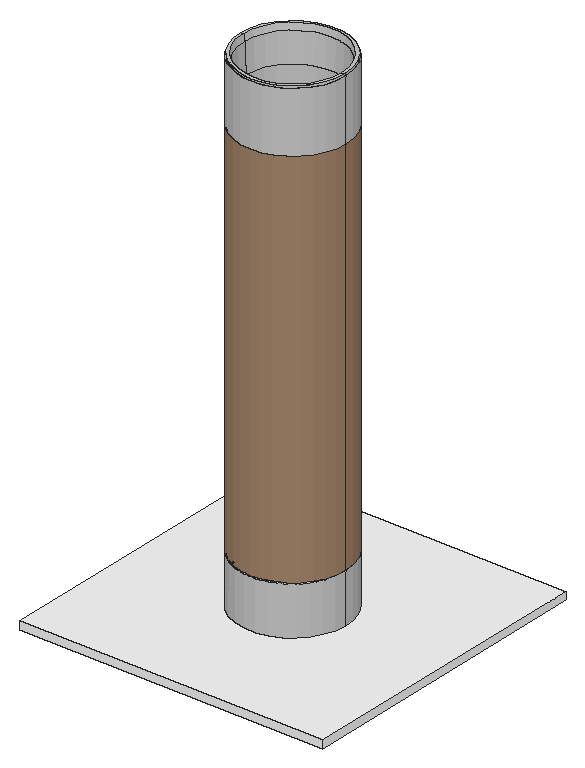
Revit family "BE_84476_de_DE", category Leuchten, Revit 2020
Family settings
  Basisbauteil = Fläche
  Bemaßung runder Anschluss = Durchmesser verwenden
  Teiletyp = Normal
  Beim Laden mit Abzugskörper schneiden = Ja
  Lichtquelle = Nein
  Gemeinsam genutzt = Nein
  Raumberechnungspunkt = Ja
Parameters (values of type "BEGA_84476_Silber")
  Default Elevation = 0 mm
  Umgebungstemperatur = ""
  URL = "https://www.bega.com/de/produkt/84476"
  Typenkommentare = "© 2022 BEGA. Wir behalten uns das Recht vor, technische Änderungen ohne vorherige Ankündigung vorzunehmen."  # constant formula
  Typenbild = 84476.png
  Spannung = 0 V
  Sonderanfertigung = no
  Seriennummer [instance] = "Hier können Sie die eindeutige Seriennummer für das Facility Management eintragen."
  Schutzklasse = ""
  Schutzart = ""
  Scheinlast = 0 VA
  Produktdatenblatt = "https://cdn.bega.com/bega/products/84476A/current/documents/data-sheets/de"
  Oberflächentemperatur = ""
  Modell = "84476A"
  Material_38 = BEGA_Holz
  Material_17 = BEGA_Reflektor
  Material_15 = BEGA_Leuchtmedium_matt
  Material_11 = BEGA_Glas_opal
  Material_09 = BEGA_Glas_klar
  Material_06 = BEGA_Oberfläche_Edelstahl_gebürstet
  Material_03 = BEGA_Oberfläche_Weiss_matt
  Material_02 = BEGA_Oberfläche_Silber_matt
  Material_01 [instance] = BEGA_Oberfläche_Grafit_matt
  M_W = no
  M_G = no
  M_A = yes
  Logo = 0
  Leuchtenanzahl = ""
  Lastklassifizierung = Beleuchtung
  Hersteller = "BEGA"  # constant formula
  Halbstreuwinkel = ""
  Gewicht = "4.65 kg"
  Gebrauchslageneinschränkung [instance] = ""
  Energieeffizienzklasse = ""
  ENEC = ""
  Dimmbar [instance] = "on/off"
  CE_Konformität = "ja"
  Bestellnummer = "84476A"
  Beschreibung_Sonderanfertigung = "Hier können Sie Informationen zur Sonderanfertigung eintragen."
  Beschreibung = "Pollerleuchtenrohr"
  Befestigungsbohrung = ""
  Befestigungsabstand = ""
  Ballwurfsicher = ""
  BEGA_Intern_aus = yes
  BEGA_Intern_an = yes
  BEGA_Intern_Konstruktion = yes
  BEGA_Intern = yes
  BEGA_IES = yes
  BEGA_Dummy = no
  Anschlussleitung = ""
  Anschlusskasten = ""
  Aktualisierung = "2022-05-19T04:00:07"
  Abstand_zur_angestrahlten_Fläche [instance] = ""
Types (2, lengths in mm): name | Modell | M_G | M_A | Bestellnummer
  BEGA_84476_Silber | "84476A" | no | yes | "84476A"
  BEGA_84476_Grafit | "84476" | yes | no | "84476"
Reference planes
  plane 1 "Mitte (Vorne/Hinten)": y = 0
  plane 2: z = 0
  plane 3 "Mitte (Links/Rechts)": x = 0
  plane 4 "Links": x = -70.567
  plane 5 "Rechts": x = 70.567
  plane 6 "Unten": y = -70.567
  plane 7 "Oben": y = 70.567
  plane 8 "Vorne": z = 654
  plane 9 "Hinten": z = 0
Forms (mm)
  Extrusion 1, solid, material "BEGA_Platte_Weiss"
    sketch origin (0, -1119.2, 0) x (1, 0, 0) y (0, 1, 0)
      loop
        line (-200, 1319.2) -> (-200, 919.2) -> (200, 919.2) -> (200, 1319.2) -> (-200, 1319.2)
    from 0 to -10
  Extrusion 2, solid, material "BEGA_Dummy_matt", visible <- "BEGA_Dummy"
    sketch origin (77.149, -76.023, 0) x (1, 0, 0) y (0, 1, 0)
      loop
        circle (-77.149, 76.023) r 70.567
    from 0 to 654
Dimensions and locks
  plane 1 "Mitte (Vorne/Hinten)" to Extrusion 1 = 200 mm
  aligned and locked: plane 2 to Extrusion 1
  aligned and locked: level to Extrusion 1
Nested families
  nested 1: "BE_84476" at (0, 0, 0), type "BE_84476"
Connectors
  electrical at (0, 0, 0), driven by "Lastklassifizierung", driven by "Spannung", driven by "Scheinlast"
    settings: index 1, voltage 0 V, apparent load 0 VA, apparent load phase1 0 VA, apparent load phase2 0 VA, apparent load phase3 0 VA, power factor 1, load classification "Beleuchtung", number of poles 1, system type 31, power factor state 1, is connector primary yes, connector utility no, sub classification motor no, connector description ""
Definition of nested family "BE_84476"
  Parameters (values of type "BE_84476")
    Default Elevation = 1 mm
    URL = "http://www.bega.de/de/produkt"
    Type Comments = "© 2015 BEGA. Wir behalten uns das Recht vor, technische Änderungen ohne vorherige Ankündigung vorzunehmen. "  # constant formula
    Type Image = (empty or 0)
    Neigungswinkel_um_Z2 = 0.00°
    Neigungswinkel_um_Z1 = 0.00°
    Neigungswinkel_um_Y2 = 0.00°
    Neigungswinkel_um_Y1 = 0.00°
    Neigungswinkel_um_X2 = 0.00°
    Neigungswinkel_um_X1 = 0.00°
    Material_38 = none
    Material_17 = none
    Material_15 = none
    Material_11 = none
    Material_09 = none
    Material_06 = none
    Material_02 = none
    Material_01 = none
    M_W = yes
    M_G = yes
    M_A = yes
    Länge_Platte = 200 mm  # constant formula
    Höhe_Platte = -10 mm  # constant formula
    Manufacturer = "BEGA"  # constant formula
    Drehwinkel_um_Z2 = 0.00°
    Drehwinkel_um_Z1 = 0.00°
    Breite_Platte = 200 mm  # constant formula
  Reference planes
    plane 1 "Mitte (Oben/Unten)": y = 0
    plane 2: z = 0
    plane 3 "Mitte (Links/Rechts)": x = 0
    plane 4 "Hinten": z = 0
    plane 5: z = 654
    plane 6: x = 70.567
    plane 7: y = 70.567
    plane 8: y = -70.567
    plane 9: x = -70.567
  Forms (mm)
    Extrusion 1, solid, detail levels medium
      sketch origin (0, 0, 0) x (1, 0, 0) y (0, 1, 0)
        loop
          line (-100, 100) -> (-100, -100) -> (100, -100) -> (100, 100) -> (-100, 100)
      from 0 to -10 <- "Höhe_Platte"
    Revolve 2, solid, material <- "Material_01", visible <- "M_G"
      sketch origin (0, 0, 0) x (1, 0, 0) y (0, 0, 1)
        loop
          line (-64.999, 0) -> (-21.545, 0) -> (-21.545, 5) -> (-47.887, 5) -> (-49.25, 31) -> (-60, 31) -> (-60, 27.567) -> (-53, 20.567) -> (-53, 5.402) -> (-64.999, 4.983) -> (-64.999, 0)
        axis (0, 31) -> (0, 0)
      angle from 0 to 360
    Revolve 3, solid, material <- "Material_01", visible <- "M_G"
      sketch origin (0, 0, 0) x (1, 0, 0) y (0, 0, 1)
        loop
          line (70.567, 2.067) -> (70.009, 66.076)
          arc (70.009, 66.076) -> (69.713, 66.778) -> (69.009, 67.067) r 1
          line (69.009, 67.067) -> (67.466, 67.067)
          arc (67.466, 67.067) -> (66.771, 66.786) -> (66.466, 66.101) r 1
          line (66.466, 66.101) -> (66.325, 62.067) -> (32.483, 62.067) -> (32.483, 58.067) -> (62.113, 58.067)
          arc (62.113, 58.067) -> (63.503, 57.505) -> (64.112, 56.135) r 2
          line (64.112, 56.135) -> (65.966, 3.034)
          arc (65.966, 3.034) -> (66.27, 2.349) -> (66.966, 2.067) r 1
          line (66.966, 2.067) -> (70.567, 2.067)
        axis (0, 67.067) -> (0, 2.067)
      angle from 0 to 360
    Revolve 4, solid, material <- "Material_01", visible <- "M_G"
      sketch origin (0, 0, 0) x (1, 0, 0) y (0, 0, 1)
        loop
          line (65.266, 654) -> (63.726, 645.268) -> (62.275, 606.4) -> (65.888, 606.4) -> (66.5, 571.35) -> (70, 571.35) -> (70, 651.4) -> (69, 651.4) -> (68.909, 654) -> (65.266, 654)
        axis (0, 571.35) -> (0, 654)
      angle from 0 to 360
    Revolve 5, solid, material <- "Material_38"
      sketch origin (0, 0, 0) x (1, 0, 0) y (0, 0, 1)
        loop
          line (70, 67.217) -> (70, 571.2) -> (65, 571.2) -> (65, 575.7) -> (32.5, 575.7) -> (32.5, 62.717) -> (65, 62.717) -> (65, 67.217) -> (70, 67.217)
        axis (0, 575.7) -> (0, 62.717)
      angle from 0 to 360
    Revolve 6, solid, material <- "Material_02", visible <- "M_A"
      sketch origin (0, 0, 0) x (1, 0, 0) y (0, 0, 1)
        loop
          line (-64.999, 0) -> (-21.545, 0) -> (-21.545, 5) -> (-47.887, 5) -> (-49.25, 31) -> (-60, 31) -> (-60, 27.567) -> (-53, 20.567) -> (-53, 5.402) -> (-64.999, 4.983) -> (-64.999, 0)
        axis (0, 31) -> (0, 0)
      angle from 0 to 360
    Revolve 7, solid, material <- "Material_02", visible <- "M_A"
      sketch origin (0, 0, 0) x (1, 0, 0) y (0, 0, 1)
        loop
          line (70.567, 2.067) -> (70.009, 66.076)
          arc (70.009, 66.076) -> (69.713, 66.778) -> (69.009, 67.067) r 1
          line (69.009, 67.067) -> (67.466, 67.067)
          arc (67.466, 67.067) -> (66.771, 66.786) -> (66.466, 66.101) r 1
          line (66.466, 66.101) -> (66.325, 62.067) -> (32.483, 62.067) -> (32.483, 58.067) -> (62.113, 58.067)
          arc (62.113, 58.067) -> (63.503, 57.505) -> (64.112, 56.135) r 2
          line (64.112, 56.135) -> (65.966, 3.034)
          arc (65.966, 3.034) -> (66.27, 2.349) -> (66.966, 2.067) r 1
          line (66.966, 2.067) -> (70.567, 2.067)
        axis (0, 67.067) -> (0, 2.067)
      angle from 0 to 360
    Revolve 8, solid, material <- "Material_02", visible <- "M_A"
      sketch origin (0, 0, 0) x (1, 0, 0) y (0, 0, 1)
        loop
          line (65.266, 654) -> (63.726, 645.268) -> (62.275, 606.4) -> (65.888, 606.4) -> (66.5, 571.35) -> (70, 571.35) -> (70, 651.4) -> (69, 651.4) -> (68.909, 654) -> (65.266, 654)
        axis (0, 571.35) -> (0, 654)
      angle from 0 to 360
  Dimensions and locks
    equal spacing: Extrusion 1 sketch curve, plane 3 "Mitte (Links/Rechts)", Extrusion 1 sketch curve
    equal spacing: Extrusion 1 sketch curve, plane 1 "Mitte (Oben/Unten)", Extrusion 1 sketch curve
    "Länge_Platte": Extrusion 1 sketch curve to Extrusion 1 sketch curve
    "Breite_Platte": Extrusion 1 sketch curve to Extrusion 1 sketch curve
    aligned and locked: plane 2 to Extrusion 1
    aligned and locked: level to Extrusion 1
  Automatic sketch dimensions
    plane 3 "Mitte (Links/Rechts)" to Revolve 2 sketch curve = 0 mm
    Revolve 2 sketch curve to plane 3 "Mitte (Links/Rechts)" = 21.545 mm
    Revolve 2 sketch curve to Revolve 2 sketch curve = 26.343 mm
    Revolve 2 sketch curve to Revolve 2 sketch curve = 1.363 mm
    level to Revolve 2 sketch curve = 20.567 mm
    Revolve 2 sketch curve to Revolve 2 sketch curve = 3.75 mm
    Revolve 2 sketch curve to Revolve 2 sketch curve = 10.75 mm
    level to Revolve 2 sketch curve = 4.983 mm
    Revolve 2 sketch curve to Revolve 2 sketch curve = 11.999 mm
    Revolve 2 sketch curve to Revolve 2 sketch curve = 0.402 mm
    Revolve 2 sketch curve to Revolve 2 sketch curve = 7 mm
    Revolve 2 sketch curve to Revolve 2 sketch curve = 10.433 mm
    Revolve 2 sketch curve to level = 0 mm
    Revolve 2 sketch curve to plane 4 "Hinten" = 174.314 mm
    level to Revolve 2 sketch curve = 5 mm
    plane 3 "Mitte (Links/Rechts)" to Revolve 3 sketch curve = 62.113 mm
    Revolve 3 sketch curve to Revolve 3 sketch curve = 1.999 mm
    level to Revolve 3 sketch curve = 3.034 mm
    Revolve 3 sketch curve to Revolve 3 sketch curve = 1.854 mm
    Revolve 3 sketch curve to Revolve 3 sketch curve = 2.354 mm
    Revolve 3 sketch curve to Revolve 3 sketch curve = 0.999 mm  (x2)
    Revolve 3 sketch curve to Revolve 3 sketch curve = 1.543 mm
    Revolve 3 sketch curve to Revolve 3 sketch curve = 3.602 mm
    level to Revolve 3 sketch curve = 2.067 mm
    Revolve 3 sketch curve to Revolve 3 sketch curve = 53.033 mm
    Revolve 3 sketch curve to Revolve 3 sketch curve = 0.067 mm
    Revolve 3 sketch curve to Revolve 3 sketch curve = 0 mm  (x6)
    Revolve 3 sketch curve to Revolve 3 sketch curve = 0.034 mm
    Revolve 3 sketch curve to Revolve 3 sketch curve = 29.63 mm
    Revolve 3 sketch curve to Revolve 3 sketch curve = 0.141 mm
    Revolve 3 sketch curve to Revolve 3 sketch curve = 1 mm
    Revolve 3 sketch curve to Revolve 3 sketch curve = 4 mm
    Revolve 3 sketch curve to Revolve 3 sketch curve = 4.034 mm
    plane 3 "Mitte (Links/Rechts)" to Revolve 4 sketch curve = 63.726 mm
    Revolve 4 sketch curve to Revolve 4 sketch curve = 1.54 mm
    Revolve 4 sketch curve to Revolve 4 sketch curve = 3.644 mm
    Revolve 4 sketch curve to Revolve 4 sketch curve = 0.091 mm
    Revolve 4 sketch curve to Revolve 4 sketch curve = 1 mm
    Revolve 4 sketch curve to Revolve 4 sketch curve = 73.918 mm
    Revolve 4 sketch curve to Revolve 4 sketch curve = 6.132 mm
    Revolve 4 sketch curve to Revolve 4 sketch curve = 2.6 mm
    Revolve 4 sketch curve to Revolve 4 sketch curve = 1.45 mm
    Revolve 4 sketch curve to Revolve 4 sketch curve = 38.868 mm
    Revolve 4 sketch curve to Revolve 4 sketch curve = 3.613 mm
    Revolve 4 sketch curve to Revolve 4 sketch curve = 3.5 mm
    plane 3 "Mitte (Links/Rechts)" to Revolve 5 sketch curve = 32.5 mm
    level to Revolve 5 sketch curve = 67.217 mm
    Revolve 5 sketch curve to Revolve 5 sketch curve = 4.5 mm  (x2)
    Revolve 5 sketch curve to Revolve 5 sketch curve = 5 mm  (x2)
    Revolve 5 sketch curve to Revolve 5 sketch curve = 32.5 mm
    Revolve 6 sketch curve to level = 0 mm
    plane 3 "Mitte (Links/Rechts)" to Revolve 6 sketch curve = 0 mm
    level to Revolve 6 sketch curve = 5 mm
    Revolve 6 sketch curve to plane 3 "Mitte (Links/Rechts)" = 21.545 mm
    Revolve 6 sketch curve to Revolve 6 sketch curve = 26.343 mm
    Revolve 6 sketch curve to Revolve 6 sketch curve = 1.363 mm
    level to Revolve 6 sketch curve = 20.567 mm
    Revolve 6 sketch curve to Revolve 6 sketch curve = 3.75 mm
    Revolve 6 sketch curve to Revolve 6 sketch curve = 10.75 mm
    level to Revolve 6 sketch curve = 4.983 mm
    Revolve 6 sketch curve to Revolve 6 sketch curve = 11.999 mm
    Revolve 6 sketch curve to Revolve 6 sketch curve = 0.402 mm
    Revolve 6 sketch curve to Revolve 6 sketch curve = 7 mm
    Revolve 6 sketch curve to Revolve 6 sketch curve = 10.433 mm
    Revolve 6 sketch curve to plane 4 "Hinten" = 174.314 mm
    Revolve 7 sketch curve to plane 3 "Mitte (Links/Rechts)" = 0 mm
    plane 3 "Mitte (Links/Rechts)" to Revolve 7 sketch curve = 32.483 mm
    Revolve 7 sketch curve to Revolve 7 sketch curve = 29.63 mm
    Revolve 7 sketch curve to Revolve 7 sketch curve = 1.999 mm
    level to Revolve 7 sketch curve = 3.034 mm
    Revolve 7 sketch curve to Revolve 7 sketch curve = 1.854 mm
    Revolve 7 sketch curve to Revolve 7 sketch curve = 2.213 mm
    Revolve 7 sketch curve to Revolve 7 sketch curve = 0.141 mm
    Revolve 7 sketch curve to Revolve 7 sketch curve = 0.999 mm  (x2)
    Revolve 7 sketch curve to Revolve 7 sketch curve = 1.543 mm
    Revolve 7 sketch curve to Revolve 7 sketch curve = 3.602 mm
    level to Revolve 7 sketch curve = 2.067 mm
    Revolve 7 sketch curve to Revolve 7 sketch curve = 53.033 mm
    Revolve 7 sketch curve to Revolve 7 sketch curve = 0.067 mm
    Revolve 7 sketch curve to Revolve 7 sketch curve = 0 mm  (x6)
    Revolve 7 sketch curve to Revolve 7 sketch curve = 4 mm  (x2)
    Revolve 7 sketch curve to Revolve 7 sketch curve = 0.034 mm
    Revolve 7 sketch curve to Revolve 7 sketch curve = 1 mm
    Revolve 7 sketch curve to plane 4 "Hinten" = 174.158 mm
    Revolve 8 sketch curve to plane 3 "Mitte (Links/Rechts)" = 0 mm
    plane 3 "Mitte (Links/Rechts)" to Revolve 8 sketch curve = 62.275 mm
    Revolve 8 sketch curve to Revolve 8 sketch curve = 1.45 mm
    Revolve 8 sketch curve to Revolve 8 sketch curve = 1.54 mm
    Revolve 8 sketch curve to Revolve 8 sketch curve = 3.613 mm
    Revolve 8 sketch curve to Revolve 8 sketch curve = 0.612 mm
    Revolve 8 sketch curve to Revolve 8 sketch curve = 3.644 mm
    Revolve 8 sketch curve to Revolve 8 sketch curve = 0.091 mm
    Revolve 8 sketch curve to Revolve 8 sketch curve = 1 mm
    Revolve 8 sketch curve to Revolve 8 sketch curve = 35.05 mm
    Revolve 8 sketch curve to Revolve 8 sketch curve = 38.868 mm
    Revolve 8 sketch curve to Revolve 8 sketch curve = 6.132 mm
    Revolve 8 sketch curve to Revolve 8 sketch curve = 2.6 mm
    Revolve 8 sketch curve to Revolve 8 sketch curve = 4.393 mm
    Revolve 8 sketch curve to Revolve 8 sketch curve = 45.219 mm
    Revolve 2 sketch curve to Revolve 2 sketch curve = 377.276 mm
    Revolve 4 sketch curve to plane 3 "Mitte (Links/Rechts)" = 0 mm
    level to Revolve 4 sketch curve = 571.35 mm
    Revolve 4 sketch curve to Revolve 4 sketch curve = 4.393 mm
    Revolve 4 sketch curve to Revolve 4 sketch curve = 45.219 mm
    Revolve 5 sketch curve to plane 3 "Mitte (Links/Rechts)" = 0 mm
    Revolve 5 sketch curve to Revolve 5 sketch curve = 503.983 mm
    Revolve 5 sketch curve to plane 4 "Hinten" = 174.158 mm
    Revolve 5 sketch curve to Revolve 5 sketch curve = 167.268 mm
    Revolve 6 sketch curve to Revolve 6 sketch curve = 377.276 mm
    Revolve 7 sketch curve to Revolve 7 sketch curve = 346.365 mm
    level to Revolve 8 sketch curve = 571.35 mm
